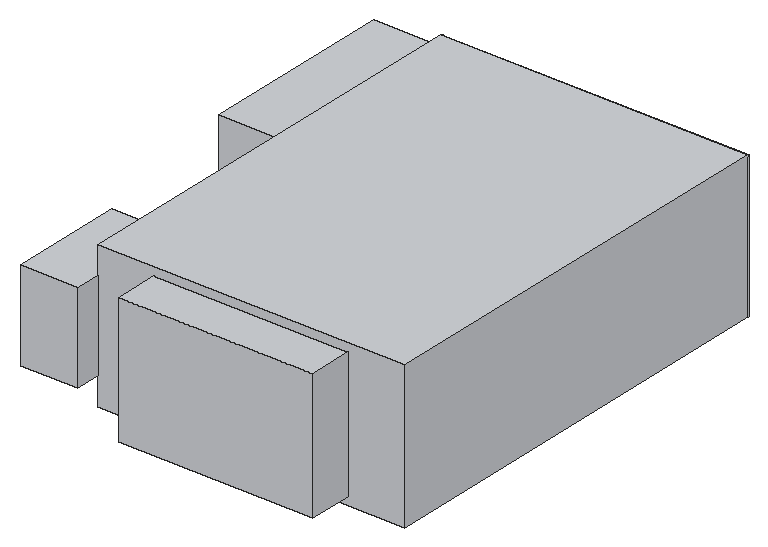
Revit family "EZTE-24X16", category Mechanical Equipment, Revit 2018
Family settings
  Round Connector Dimension = Use Diameter
  Part Type = Normal
  OmniClass Number = 23.75.00.00
  OmniClass Title = Climate Control (HVAC)
  Work Plane-Based = No
  Always vertical = Yes
  Cut with Voids When Loaded = No
  Shared = No
  Room Calculation Point = No
Parameters (values of type "EZTE Inlet Size 24x16 LH")
  Width = 3' - 2"
  URL = "https://www.anemostat-hvac.com/"
  RightSide Electric Enclosure = no
  RightController = no
  Power Right Controller = no
  Power Left Controller = yes
  Model = "EZTE 24X16"
  Manufacturer = "ANEMOSTAT PRODUCTS"
  Length = 4' - 5 1/8"
  LeftSide Electric Enclosure = yes
  LeftController = yes
  Inlet_S = 0' - 5 7/16"
  InletWidth = 2' - 0"
  InletOffset = 0' - 1"
  InletHeight = 1' - 4"
  HeightCenter = Eheight / 2  # 0' - 8 3/4"
  Height = 1' - 6"
  SlipDrive = 3' - 8 7/16"
  Overlap = 0' - 0 5/8"
  Ewidth = EnclosureWidth  # 0' - 7 1/8"
  EnslosureRear = 1' - 2 7/32"
  EnclosureWidth = 0' - 7 1/8"
  EnclosureHeight = 0' - 11 3/32"
  EnclosureFront = 0' - 3"
  EnclosureCenter = Height / 2  # 0' - 9"
  Elength = 2' - 0"
  ElectricBack = 0' - 1 1/2"
  Eheight = 1' - 5 1/2"
  DischargeY = Height - 0' 0"  # 1' - 6"
  DischargeX = Width - 0' 0"  # 3' - 2"
  Discharge = 0' - 0 1/64"
  Description = "EZTE W/Integral Sound Attenuator"
  Coil = SlipDrive - Length  # -0' - 8 11/16"
Types (2): name | RightSide Electric Enclosure | RightController | Power Right Controller | Power Left Controller | LeftSide Electric Enclosure | LeftController
  EZTE Inlet Size 24x16 LH | no | no | no | yes | yes | yes
  EZTE Inlet Size 24x16 RH | yes | yes | yes | no | no | no
Reference planes (in)
  plane 1 "Center (Front/Back)": y = 0
  plane 2: z = 0
  plane 3 "Center (Left/Right)": x = 0
  plane 4 "RightSide": x = 19
  plane 5 "LeftSide": x = -19
  plane 6 "InletSide": y = -26.5625
  plane 7: y = -15.34375
  plane 8 "EnclosureFront": y = -29.5625
  plane 9: x = 26.125
  plane 10: x = -26.125
  plane 11 "DischargeSide": y = 26.5625
  plane 12: y = 26.54687
  plane 13: z = 18
  plane 14: z = 9
  plane 15: z = 14.54687
  plane 16: z = 3.45313
  plane 17: x = 19
  plane 18: x = -19
  plane 19: z = 17.98437
  plane 20: z = 0.01562
  plane 21: y = 25.92187
  plane 22 "HWC SlipNDrive": y = 17.875
  plane 23: z = 1.25
  plane 24: y = 30.29687
  plane 25: y = 30.55602
  plane 26: z = 16.75
  plane 27: y = 25.0625
  plane 28: y = 1.0625
  plane 29: z = 17.75
  plane 30: z = 0.25
  plane 31: x = -12
  plane 32: x = 12
  plane 33: z = 17
  plane 34: z = 1
Forms (in)
  Extrusion 1, solid
    sketch origin (0, 0, 0) x (1, 0, 0) y (0, 1, 0)
      loop
        line (19, 26.54687) -> (-19, 26.54687) -> (-19, -26.5625) -> (19, -26.5625) -> (19, 26.54687)
    from 0 to 18
  Extrusion 2, solid
    sketch origin (0, 26.5625, 0) x (1, 0, 0) y (0, 0, 1)
      loop
        line (-19, 17.98437) -> (-19, 0.01562) -> (19, 0.01562) -> (19, 17.98437) -> (-19, 17.98437)
    from 0 to 0.01562 <- "Discharge"
  Extrusion 3, solid
    sketch origin (0, -26.5625, 0) x (1, 0, 0) y (0, 0, 1)
      loop
        line (-12, 17) -> (-12, 1) -> (12, 1) -> (12, 17) -> (-12, 17)
    from 0 to 5.4375 <- "Inlet_S"
Dimensions and locks (in)
  equal spacing: plane 5 "LeftSide", plane 3 "Center (Left/Right)", plane 4 "RightSide"
  "EnclosureFront": plane 8 "EnclosureFront" to plane 6 "InletSide"
  "Width": plane 5 "LeftSide" to plane 4 "RightSide"
  "EnclosureWidth": plane 4 "RightSide" to plane 9
  "EnclosureWidth": plane 10 to plane 5 "LeftSide"
  equal spacing: plane 11 "DischargeSide", plane 1 "Center (Front/Back)", plane 6 "InletSide"
  "Length": plane 11 "DischargeSide" to plane 6 "InletSide"
  "EnslosureRear": plane 7 to plane 8 "EnclosureFront"
  "Discharge": plane 12 to plane 11 "DischargeSide"
  equal spacing: plane 15, plane 14, plane 16
  "EnclosureHeight": plane 15 to plane 16
  "EnclosureCenter": plane 14 to level
  "Height": plane 13 to level
  equal spacing: plane 17, plane 3 "Center (Left/Right)", plane 18
  "DischargeX": plane 17 to plane 18
  "Discharge": plane 13 to plane 19
  "Discharge": plane 20 to level
  plane 6 "InletSide" to plane 11 "DischargeSide" = 4' - 5 1/8"
  "Overlap": plane 21 to plane 12
  "SlipDrive": plane 22 "HWC SlipNDrive" to plane 6 "InletSide"
  locked: plane 24 to plane 12 at 3.75
  locked: plane 23 to level at 1.25
  locked: plane 25 to plane 12 at 4.00915
  locked: plane 13 to plane 26 at 1.25
  "ElectricBack": plane 27 to plane 11 "DischargeSide"
  "Elength": plane 28 to plane 27
  "HeightCenter": plane 29 to plane 14
  "HeightCenter": plane 30 to plane 14
  equal spacing: plane 32, plane 3 "Center (Left/Right)", plane 31
  "InletHeight": plane 33 to plane 34
  "InletWidth": plane 32 to plane 31
  "InletOffset": plane 34 to level
  "HeightCenter": plane 14 to nested 4
  aligned and locked: level to plane 2
  aligned and locked: Extrusion 1 sketch curve to plane 12
  aligned and locked: Extrusion 1 sketch curve to plane 4 "RightSide"
  aligned and locked: plane 6 "InletSide" to Extrusion 1 sketch curve
  aligned and locked: plane 5 "LeftSide" to Extrusion 1 sketch curve
  aligned and locked: plane 13 to Extrusion 1
  aligned and locked: plane 19 to Extrusion 2 sketch curve
  aligned and locked: Extrusion 2 sketch curve to plane 18
  aligned and locked: plane 20 to Extrusion 2 sketch curve
  aligned and locked: Extrusion 2 sketch curve to plane 17
  aligned and locked: nested 1 to plane 7
  aligned and locked: nested 1 to plane 4 "RightSide"
  aligned and locked: nested 2 to plane 5 "LeftSide"
  aligned and locked: nested 2 to plane 7
  aligned and locked: nested 3 to plane 27
  aligned and locked: nested 3 to plane 4 "RightSide"
  aligned and locked: nested 3 to plane 29
  aligned and locked: Extrusion 3 sketch curve to plane 33
  aligned and locked: Extrusion 3 sketch curve to plane 31
  aligned and locked: plane 34 to Extrusion 3 sketch curve
  aligned and locked: plane 32 to Extrusion 3 sketch curve
  aligned and locked: nested 3 to nested 4
Nested families (in)
  nested 1: "ControlEnclosure" at (19, -16.72308, 0), visible <- "RightController", type "Inlet Size 10 Enclosure Left"
    with Height 1' - 6", EnclosureWidth 0' - 7 1/8", EnclosureHeight 0' - 11 3/32", EnclosureCenter 0' - 9"
  nested 2: "ControlEnclosure" at (-19, -16.72308, 0) x (-1, 0, 0) z (0, 0, 1), visible <- "LeftController", type "Inlet Size 10 Enclosure Left"
    with Height 1' - 6", EnclosureWidth 0' - 7 1/8", EnclosureHeight 0' - 11 3/32", EnclosureCenter 0' - 9"
  nested 3: "ElectricEnclosure" at (0, -25.9375, 0.25), visible <- "RightSide Electric Enclosure", type "Electric Enclosure-05"
    with Width 3' - 2", Lenght 4' - 5 1/8", Height 1' - 6", HeightCenter 0' - 8 3/4", Eheight 1' - 5 1/2"
  nested 4: "ElectricEnclosure" at (0, -25.9375, 0.25) x (-1, 0, 0) z (0, 0, 1), visible <- "LeftSide Electric Enclosure", type "Electric Enclosure-05"
    with Width 3' - 2", Lenght 4' - 5 1/8", Height 1' - 6", HeightCenter 0' - 8 3/4", Eheight 1' - 5 1/2"
Connectors (in)
  electrical at (-26.125, -22.45312, 9), driven by "Power Left Controller"
    settings: on nested 2, index 2, voltage 0 V, apparent load 0 VA, apparent load phase1 0 VA, apparent load phase2 0 VA, apparent load phase3 0 VA, power factor 1, load classification "Other", number of poles 1, system type 31, power factor state 1, is connector primary yes, connector utility yes, sub classification motor no, connector description ""
  electrical at (26.125, -22.45312, 9), driven by "Power Right Controller"
    settings: on nested 1, index 8, voltage 0 V, apparent load 0 VA, apparent load phase1 0 VA, apparent load phase2 0 VA, apparent load phase3 0 VA, power factor 1, load classification "Other", number of poles 1, system type 31, power factor state 1, is connector primary no, connector utility no, sub classification motor no, connector description ""
  hvac at (0, 26.5625, 9), driven by "DischargeY", driven by "DischargeX"
    settings: on Extrusion 2, index 9, duct flow 0 CFM, flow factor 0, pres drop 0.00 in-wg, loss coef 0, conn angle 0.00°, conn width 38", conn height 18", conn diameter 24", duct sys type 1, conn prof type 1, flow config 0, flow direction 0, loss method 0, conn ref index -1, conn util no, is conn primary yes, conn desc ""
  electrical at (26.125, 13.0625, 9), driven by "RightSide Electric Enclosure"
    settings: on nested 3, index 10, voltage 0 V, apparent load 0 VA, apparent load phase1 0 VA, apparent load phase2 0 VA, apparent load phase3 0 VA, power factor 1, load classification "Other", number of poles 1, system type 31, power factor state 1, is connector primary no, connector utility no, sub classification motor no, connector description ""
  electrical at (-26.125, 13.0625, 9), driven by "LeftSide Electric Enclosure"
    settings: on nested 4, index 11, voltage 0 V, apparent load 0 VA, apparent load phase1 0 VA, apparent load phase2 0 VA, apparent load phase3 0 VA, power factor 1, load classification "Other", number of poles 1, system type 31, power factor state 1, is connector primary no, connector utility yes, sub classification motor no, connector description ""
  hvac at (0, -32, 9), driven by "InletHeight", driven by "InletWidth"
    settings: on Extrusion 3, index 12, duct flow 0 CFM, flow factor 0, pres drop 0.00 in-wg, loss coef 0, conn angle 0.00°, conn width 24", conn height 16", conn diameter 24", duct sys type 1, conn prof type 1, flow config 0, flow direction 0, loss method 0, conn ref index -1, conn util no, is conn primary no, conn desc ""
Definition of nested family "ControlEnclosure"
  Parameters (values of type "Enclosure")
    Width = 1' - 2"
    Lenght = 1' - 2 1/2"
    Height = 1' - 0 1/2"
    EnslosureRear = 1' - 2 7/32"
    EnclosureWidth = 0' - 7 1/8"
    EnclosureHeight = 0' - 11 3/32"
    EnclosureFront = 0' - 3"
    EnclosureCenter = Height / 2  # 0' - 6 1/4"
    DischargeY = 0' - 11 1/4"
    DischargeX = 1' - 0 3/4"
    Discharge = 0' - 0 5/8"
  Types (3): name | EnclosureWidth | EnclosureHeight
    Inlet Size 10 Enclosure Left | 0' - 11 3/32" | 0' - 7 1/8"
    Inlet Size 10 Enclosure Right | 0' - 7 1/8" | 0' - 6.00967"
    Enclosure | 0' - 7 1/8" | 0' - 11 3/32"
  Reference planes (in)
    plane 1 "Center (Front/Back)": y = 0
    plane 2: z = 0
    plane 3 "Center (Left/Right)": x = 0
    plane 4: x = 7
    plane 5: x = -7
    plane 6: y = -7.25
    plane 7: y = 1.37933
    plane 8: y = -12.83942
    plane 9 "EnclosureSide": x = 14.125
    plane 10: x = -14.125
    plane 11: y = 7.25
    plane 12: y = 6.625
    plane 13: z = 6.25
    plane 14: z = 11.79688
    plane 15: z = 0.70313
  Forms (in)
    Extrusion 1, solid
      sketch origin (0, 0, 0) x (0, 1, 0) y (0, 0, 1)
        loop
          line (1.37933, 11.79688) -> (-12.83942, 11.79688) -> (-12.83942, 0.70313) -> (1.37933, 0.70313) -> (1.37933, 11.79688)
      from 0 to 7.125 <- "EnclosureWidth"
  Dimensions and locks (in)
    equal spacing: plane 5, plane 3 "Center (Left/Right)", plane 4
    plane 8 to plane 6 = 0' - 5.58942"
    "Width": plane 5 to plane 4
    "EnclosureWidth": plane 4 to plane 9 "EnclosureSide"
    "EnclosureWidth": plane 10 to plane 5
    equal spacing: plane 11, plane 1 "Center (Front/Back)", plane 6
    "Lenght": plane 11 to plane 6
    "EnslosureRear": plane 7 to plane 8
    "Discharge": plane 12 to plane 11
    "EnclosureCenter": plane 13 to level
    equal spacing: plane 15, plane 13, plane 14
    "EnclosureHeight": plane 15 to plane 14
    aligned and locked: level to plane 2
    aligned and locked: Extrusion 1 sketch curve to plane 7
    aligned and locked: Extrusion 1 sketch curve to plane 14
    aligned and locked: Extrusion 1 sketch curve to plane 8
    aligned and locked: Extrusion 1 sketch curve to plane 15
Definition of nested family "ElectricEnclosure"
  Parameters (values of type "Electric Enclosure-05")
    Width = 0' - 10"
    Lenght = 3' - 3 1/2"
    Height = 0' - 10"
    Ewidth = EnclosureWidth  # 0' - 7 1/8"
    EnslosureRear = 1' - 2 7/32"
    EnclosureWidth = 0' - 7 1/8"
    EnclosureHeight = 0' - 11 3/32"
    ElectricBack = 0' - 1 1/2"
    HeightCenter = Eheight / 2  # 0' - 6"
    Eheight = 1' - 0"
    ELength = 2' - 0"
    DischargeY = 0' - 11 1/4"
    DischargeX = 1' - 0 3/4"
    Discharge = 0' - 0 5/8"
  Types (9): name | Width | Height | HeightCenter | Eheight
    Electric Enclosure-09 | 1' - 2" | 1' - 0 1/2" | 0' - 6 1/4" | 1' - 0 1/2"
    Electric Enclosure-12 | 1' - 4" | 1' - 3" | 0' - 7 1/2" | 1' - 3"
    Electric Enclosure-14 | 1' - 8" | 1' - 5 1/2" | 0' - 8 3/4" | 1' - 5 1/2"
    Electric Enclosure-16 | 2' - 0" | 1' - 5 1/2" | 0' - 8 3/4" | 1' - 5 1/2"
    Electric Enclosure-10 | 1' - 2" | 1' - 0 1/2" | 0' - 6 1/4" | 1' - 0 1/2"
    Electric Enclosure-08 | 1' - 0" | 0' - 10" | 0' - 6" | 1' - 0"
    Electric Enclosure-07 | 1' - 0" | 0' - 10" | 0' - 6" | 1' - 0"
    Electric Enclosure-06 | 0' - 10" | 0' - 10" | 0' - 6" | 1' - 0"
    Electric Enclosure-05 | 0' - 10" | 0' - 10" | 0' - 6" | 1' - 0"
  Reference planes (in)
    plane 1 "Center (Front/Back)": y = 0
    plane 2: z = 0
    plane 3 "Center (Left/Right)": x = 0
    plane 4 "RightSide": x = 5
    plane 5 "LeftSide": x = -5
    plane 6 "ElectricEnclosureSide": x = 12.125
    plane 7 "ElectricLeftSide": x = -12.125
    plane 8 "SlipDrive": y = 39.5
    plane 9: y = 38.875
    plane 10: z = 6
    plane 11: z = 12
    plane 12: z = 0
    plane 13: y = 37.375
    plane 14: y = 13.375
  Forms (in)
    Extrusion 1, solid
      sketch origin (5, 0, 0) x (0, 1, 0) y (0, 0, 1)
        loop
          line (13.375, 12) -> (13.375, 0) -> (37.375, 0) -> (37.375, 12) -> (13.375, 12)
      from 0 to 7.125 <- "Ewidth"
  Dimensions and locks (in)
    equal spacing: plane 5 "LeftSide", plane 3 "Center (Left/Right)", plane 4 "RightSide"
    "Width": plane 5 "LeftSide" to plane 4 "RightSide"
    "EnclosureWidth": plane 4 "RightSide" to plane 6 "ElectricEnclosureSide"
    "EnclosureWidth": plane 7 "ElectricLeftSide" to plane 5 "LeftSide"
    "Lenght": plane 8 "SlipDrive" to plane 1 "Center (Front/Back)"
    "Discharge": plane 9 to plane 8 "SlipDrive"
    "HeightCenter": plane 10 to level
    equal spacing: plane 12, plane 10, plane 11
    "Eheight": plane 12 to plane 11
    "ElectricBack": plane 13 to plane 9
    "ELength": plane 14 to plane 13
    aligned and locked: level to plane 2
  Automatic sketch dimensions
    Extrusion 1 sketch curve to plane 14 = 0' - 0"
    Extrusion 1 sketch curve to plane 13 = 0' - 0"
    Extrusion 1 sketch curve to level = 0' - 0"
    Extrusion 1 sketch curve to plane 11 = 0' - 0"
